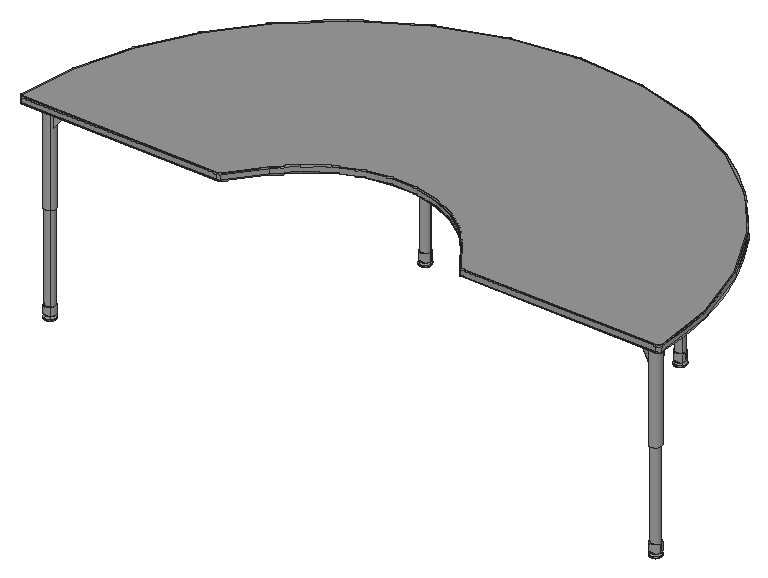
Revit family "Hierarchy Activity Kidney Table", category Furniture, Revit 2018
Family settings
  Work Plane-Based = No
  Always vertical = Yes
  Cut with Voids When Loaded = No
  Shared = No
  Room Calculation Point = No
Parameters
  Table Height = 2' - 5"
  Surface = Hierarchy Activity Kidney Table Surface
  Leg Finish = Hierarchy Leg Platinum
  Caster/Glide = Hierarchy Leg - Glide : Hierarchy Leg - Glide
  Edgeband = Hierarchy Activity Kidney Table Edgeband
Reference planes (in)
  plane 1 "Center (Front/Back)": y = 0
  plane 2: z = 0
  plane 3 "Center (Left/Right)": x = 0
  plane 4: z = 29
Dimensions and locks (in)
  "Table Height": plane 4 to level
  aligned and locked: plane 2 to level
  aligned and locked: nested 1 to plane 4
Nested families (in)
  nested 1: "Activity Kidney Tabletop" at (0, 0, 5.0750003), type "Activity Kidney Tabletop"
  nested 2: "Hierarchy Leg - Glide" at (-45.341817, -19.0944657, 0) x (-0.7071, 0.7071, 0) z (0, 0, 1), type <- "Caster/Glide", Leg Finish <- "Leg Finish", Leg Height <- "Table Height", type "Hierarchy Leg - Glide"
  nested 3: "Hierarchy Leg - Glide" at (-19.0906754, 18.3262556, 0) x (0.9008, 0.4343, 0) z (0, 0, 1), Leg Finish <- "Leg Finish", Leg Height <- "Table Height", type "Hierarchy Leg - Glide"
    with Leg Height 2' - 5", Leg Finish Hierarchy Leg Platinum
  nested 4: "Hierarchy Leg - Glide" at (45.341817, -19.0944657, 0) x (0.7071, 0.7071, 0) z (0, 0, 1), type <- "Caster/Glide", Leg Finish <- "Leg Finish", Leg Height <- "Table Height", type "Hierarchy Leg - Glide"
  nested 5: "Hierarchy Leg - Glide" at (19.0906754, 18.3262556, 0) x (-0.9008, 0.4343, 0) z (0, 0, 1), Leg Finish <- "Leg Finish", Leg Height <- "Table Height", type "Hierarchy Leg - Glide"
    with Leg Height 2' - 5", Leg Finish Hierarchy Leg Platinum
Definition of nested family "Activity Kidney Tabletop"
  Parameters (values of type "Activity Kidney Tabletop")
    Surface = none
    Edgeband = none
  Reference planes (in)
    plane 1 "Center (Front/Back)": y = 0
    plane 2: z = 0
    plane 3 "Center (Left/Right)": x = 0
  Forms (in)
    Extrusion 1, solid, material <- "Surface"
      sketch origin (2.1947236, 0, 0) x (1, 0, 0) y (0, 1, 0)
        loop
          line (-49.6880493, -21.5486813) -> (-20.4447227, -21.5486813)
          arc (-20.4447227, -21.5486813) -> (-20.2739365, -21.5083641) -> (-20.1392111, -21.3959254) r 0.3818893
          line (-20.1392111, -21.3959254) -> (-16.6892109, -16.7959213)
          arc (-16.6892109, -16.7959213) -> (-2.1947211, -9.5486737) -> (12.2997673, -16.7959242) r 18.1181046
          line (12.2997673, -16.7959242) -> (15.7497638, -21.3959253)
          arc (15.7497638, -21.3959253) -> (15.8844892, -21.5083641) -> (16.0552754, -21.5486813) r 0.3818893
          line (16.0552754, -21.5486813) -> (45.2986021, -21.5486813)
          arc (45.2986021, -21.5486813) -> (45.5714831, -21.4356503) -> (45.684514, -21.1627693) r 0.3859119
          arc (45.684514, -21.1627693) -> (39.4528252, 1.8395118) -> (22.9811196, 19.0622234) r 48.3004507
          arc (22.9811196, 19.0622234) -> (-4.5558124, 26.2247125) -> (-31.2504358, 16.3768215) r 47.5352791
          arc (-31.2504358, 16.3768215) -> (-44.9447232, -0.2455821) -> (-50.0739613, -21.1627693) r 48.4097031
          arc (-50.0739613, -21.1627693) -> (-49.9609303, -21.4356503) -> (-49.6880493, -21.5486813) r 0.3859119
      from 23.9249997 to 24.9250031
    Sweep 2, solid, material <- "Edgeband"
      path origin (2.1947236, 0, 0) x (1, 0, 0) y (0, 1, 0)
        loop
          line (-49.6880493, -21.5486813) -> (-20.4447227, -21.5486813)
          arc (-20.4447227, -21.5486813) -> (-20.2739365, -21.5083641) -> (-20.1392111, -21.3959254) r 0.3818893
          line (-20.1392111, -21.3959254) -> (-16.6892109, -16.7959213)
          arc (-16.6892109, -16.7959213) -> (-2.1947211, -9.5486737) -> (12.2997673, -16.7959242) r 18.1181046
          line (12.2997673, -16.7959242) -> (15.7497638, -21.3959253)
          arc (15.7497638, -21.3959253) -> (15.8844892, -21.5083641) -> (16.0552754, -21.5486813) r 0.3818893
          line (16.0552754, -21.5486813) -> (45.2986021, -21.5486813)
          arc (45.2986021, -21.5486813) -> (45.5714831, -21.4356503) -> (45.684514, -21.1627693) r 0.3859119
          arc (45.684514, -21.1627693) -> (39.4528252, 1.8395118) -> (22.9811196, 19.0622234) r 48.3004507
          arc (22.9811196, 19.0622234) -> (-4.5558124, 26.2247125) -> (-31.2504358, 16.3768215) r 47.5352791
          arc (-31.2504358, 16.3768215) -> (-44.9447232, -0.2455821) -> (-50.0739613, -21.1627693) r 48.4097031
          arc (-50.0739613, -21.1627693) -> (-49.9609303, -21.4356503) -> (-49.6880493, -21.5486813) r 0.3859119
      profile origin (-32.8716624, -21.5486813, 0) x (0, 1, 0) y (0, 0, 1)
        loop
          arc (0, 24.9250031) -> (-0.0835155, 24.8904098) -> (-0.1181087, 24.8068943) r 0.1181087
          line (-0.1181087, 24.8068943) -> (-0.1181087, 24.0431099)
          arc (-0.1181087, 24.0431099) -> (-0.0835155, 23.9595944) -> (0, 23.9250011) r 0.1181087
          line (0, 23.9250011) -> (0, 24.9250031)
  Dimensions and locks (in)
    aligned and locked: plane 2 to level
Definition of nested family "Hierarchy Leg - Glide"
  Parameters (values of type "Hierarchy Leg - Glide")
    Leg Finish [instance] = none
    Leg Height [instance] = 2' - 5"
  Reference planes (in)
    plane 1 "Center (Front/Back)": y = 0
    plane 2: z = 0
    plane 3 "Center (Left/Right)": x = 0
  Forms (in)
    Extrusion 1, solid
      sketch origin (-0.015625, 0, 0) x (1, 0, 0) y (0, 1, 0)
        loop
          circle (0.015625, 0) r 0.6701606
      from 0.6761811 to 16.1761811
    Revolve 2, solid
      sketch origin (0, 0, 0) x (1, 0, 0) y (0, 0, 1)
        loop
          line (-0.7318851, 1.8011811) -> (-0.7943912, 1.7386749) -> (-0.7943912, 0.613811) -> (-0.7317613, 0.5511811) -> (-0.1250031, 0.5511811) -> (-0.1250031, 0.4261832) -> (-0.8465643, 0.1624109) -> (-0.8465643, 0.0899363) -> (-0.8135931, 0) -> (0, 0) -> (0, 1.8011811) -> (-0.7318851, 1.8011811)
        axis (0, 1.8011811) -> (0, 0)
      angle from 0 to 360
  Dimensions and locks (in)
    "Leg Height": nested 1 to level
    aligned and locked: plane 2 to level
  Automatic sketch dimensions
    plane 1 "Center (Front/Back)" to Extrusion 1 sketch curve = 0' - 0"
    Extrusion 1 sketch curve to plane 3 "Center (Left/Right)" = 0' - 0"
    Revolve 2 sketch curve to level = 0' - 0"
    Revolve 2 sketch curve to plane 3 "Center (Left/Right)" = 0' - 0"  (x2)
    Revolve 2 sketch curve to plane 3 "Center (Left/Right)" = 0' - 0 1/8"
    Revolve 2 sketch curve to Revolve 2 sketch curve = 0' - 0.60676"
    Revolve 2 sketch curve to Revolve 2 sketch curve = 0' - 0.73189"
    Revolve 2 sketch curve to Revolve 2 sketch curve = 0' - 0.06263"  (x2)
    Revolve 2 sketch curve to Revolve 2 sketch curve = 0' - 0.08183"
    Revolve 2 sketch curve to Revolve 2 sketch curve = 0' - 0.03297"
    level to Revolve 2 sketch curve = 0' - 0.08994"
    Revolve 2 sketch curve to Revolve 2 sketch curve = 0' - 0.07247"
    level to Revolve 2 sketch curve = 0' - 0.42618"
    Revolve 2 sketch curve to Revolve 2 sketch curve = 0' - 0 1/8"
    Revolve 2 sketch curve to Revolve 2 sketch curve = 0' - 1.12486"
    Revolve 2 sketch curve to Revolve 2 sketch curve = 0' - 0 1/16"
    Revolve 2 sketch curve to level = 2' - 0"
    Revolve 2 sketch curve to Revolve 2 sketch curve = 8' - 4.91764"
    radius of Extrusion 1 sketch curve = 0' - 0.67016"
  Nested families (in)
    nested 1: "Hierarchy Upper Leg 2023" at (0, 0, 1.1978346), Shapes Leg Finish <- "Leg Finish", type "Hierarchy Upper Leg 2023"
      with Shapes Leg Finish none
  Definition of nested family "Hierarchy Upper Leg 2023"
    Parameters (values of type "Hierarchy Upper Leg 2023")
      Shapes Leg Finish [instance] = none
    Reference planes (in)
      plane 1 "Center (Front/Back)": y = 0
      plane 2: z = 0
      plane 3 "Center (Left/Right)": x = 0
    Forms (in)
      Extrusion 1, solid, material <- "Shapes Leg Finish"
        sketch origin (0, 0, 0) x (1, 0, 0) y (0, 1, 0)
          loop
            circle (0, 0) r 0.8480181
        from 13.6761811 to 27.6761811
      Extrusion 2, solid, material <- "Shapes Leg Finish"
        sketch origin (0, 0, 0) x (1, 0, 0) y (0, 1, 0)
          loop
            line (-1.7017431, 0.1918316) -> (-2.8862648, -2.2611586)
            arc (-2.8862648, -2.2611586) -> (-2.839928, -3.0982194) -> (-2.1062992, -3.503937) r 0.8661417
            line (-2.1062992, -3.503937) -> (2.1062992, -3.503937)
            arc (2.1062992, -3.503937) -> (2.839928, -3.0982194) -> (2.8862648, -2.2611586) r 0.8661417
            line (2.8862648, -2.2611586) -> (1.7017431, 0.1918316)
            arc (1.7017431, 0.1918316) -> (0, 1.2598425) -> (-1.7017431, 0.1918316) r 1.8897638
        from 27.6761811 to 27.8021654
      Extrusion 3, solid, material <- "Shapes Leg Finish"
        sketch origin (-1.4851906, 8.6652431, 0) x (-0.434844, 0.900506, 0) y (0, 0, 1)
          loop
            line (-9.014247, 27.6761811) -> (-11.8095226, 27.6761811)
            arc (-11.8095226, 27.6761811) -> (-11.9232546, 27.5899308) -> (-11.8708805, 27.4571489) r 0.1181102
            arc (-11.8708805, 27.4571489) -> (-10.3936377, 26.2967904) -> (-9.2332792, 24.8195476) r 7.8740157
            arc (-9.2332792, 24.8195476) -> (-9.1004973, 24.7671735) -> (-9.014247, 24.8809055) r 0.1181102
            line (-9.014247, 24.8809055) -> (-9.014247, 27.6761811)
        from -1.9407463 to -1.8147621
      Extrusion 4, solid, material <- "Shapes Leg Finish"
        sketch origin (1.4851906, 8.6652431, 0) x (0.434844, 0.900506, 0) y (0, 0, -1)
          loop
            line (-9.014247, -27.6761811) -> (-9.014247, -24.8809055)
            arc (-9.014247, -24.8809055) -> (-9.1004973, -24.7671735) -> (-9.2332792, -24.8195476) r 0.1181102
            arc (-9.2332792, -24.8195476) -> (-10.3936377, -26.2967904) -> (-11.8708805, -27.4571489) r 7.8740157
            arc (-11.8708805, -27.4571489) -> (-11.9232546, -27.5899308) -> (-11.8095226, -27.6761811) r 0.1181102
            line (-11.8095226, -27.6761811) -> (-9.014247, -27.6761811)
        from -1.9407463 to -1.8147621
    Dimensions and locks (in)
      aligned and locked: plane 2 to level
